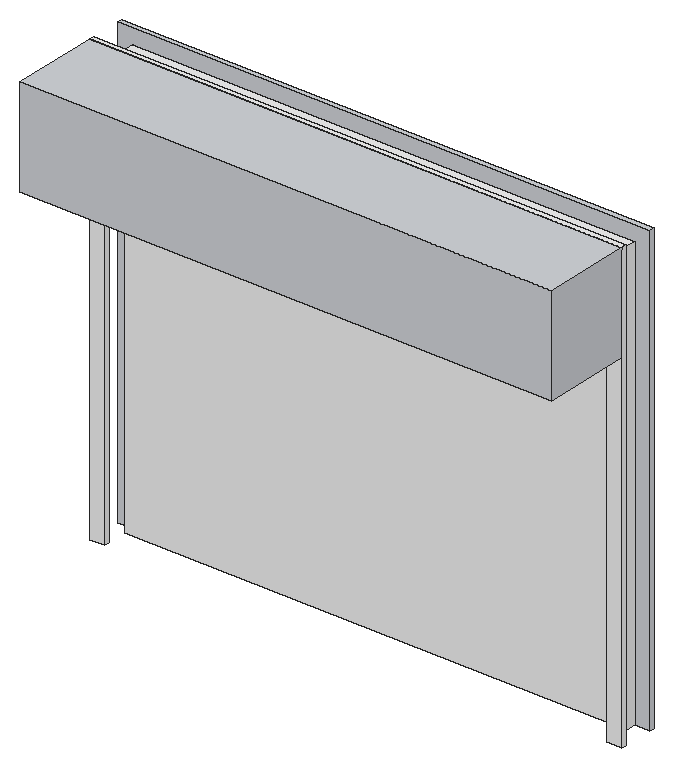
Revit family "0044_M_DR_W_shutter_door_family", category 문, Revit 2026
Family settings
  호스트 = 벽
  항상 수직 = 예
  로드될 때 보이드를 사용하여 절단 = 아니오
  공유 = 아니오
  룸 계산 점 = 아니오
Parameters (values of type "2550 x 2200 mm")
  프레임 투영 외부 = 25 mm
  프레임 투영 내부 = 25 mm
  프레임 폭 = 75 mm
  Function = (empty or 0)
  Assembly Code = ""
  높이 = 2200 mm
  벽 마무리 = 호스트별
  폭 = 2550 mm
Reference planes
  plane 1: y = -50
  plane 2 "중심(왼쪽/오른쪽)": x = 0
  plane 3 "좌측면": x = -1275
  plane 4 "오른쪽": x = 1275
  plane 5: z = 2200
  plane 6 "외부": y = 25
  plane 7 "내부": y = -125
Forms (mm)
  Extrusion 1, solid, material "구릴"
    sketch origin (-3050, -125, 0) x (1, 0, 0) y (0, 0, 1)
      loop
        line (1700, 0) -> (1775, 0) -> (1775, 2200) -> (4325, 2200) -> (4325, 0) -> (4400, 0) -> (4400, 2275) -> (1700, 2275) -> (1700, 0)
    from 0 to 25
  Extrusion 2, solid
    sketch origin (-3050, 25, 0) x (-1, 0, 0) y (0, 0, 1)
      loop
        line (-1775, 0) -> (-1700, 0) -> (-1700, 2275) -> (-4400, 2275) -> (-4400, 0) -> (-4325, 0) -> (-4325, 2200) -> (-1775, 2200) -> (-1775, 0)
    from 0 to 25
  Extrusion 3, solid, material "구릴"
    sketch origin (0, 25, 0) x (1, 0, 0) y (0, 0, 1)
      loop
        line (1275, 0) -> (1275, 2200) -> (-1275, 2200) -> (-1275, 0) -> (1275, 0)
    from 0 to 50
  Extrusion 4, solid
    sketch origin (0, -125, 0) x (1, 0, 0) y (0, 0, 1)
      loop
        line (-1350, 2275) -> (-1350, 1775) -> (1350, 1775) -> (1350, 2275) -> (-1350, 2275)
    from 0 to 470
Lines and regions (mm)
  Opening 1
    outline origin (-3050, -125, 0) x (1, 0, 0) y (0, 0, 1)
      loop
        line (1775, 0) -> (4325, 0) -> (4325, 2200) -> (1775, 2200) -> (1775, 0)
  symbolic lines, style "입면도 스윙"
    curve 1: line (1275, -125, 0) -> (0, -125, 2200)
    curve 2: line (0, 25, 2200) -> (-1275, 25, 0)
  symbolic lines
    curve 3: line (-1275, 25, 0) -> (-675, 25, 0)
    curve 4: line (-1275, 25, 0) -> (-1275, 495, 0)
    curve 5: line (-1275, 495, 0) -> (1275, 495, 0)
    curve 6: line (1275, 495, 0) -> (1275, 25, 0)
    curve 7: line (1275, 25, 0) -> (-1275, 25, 0)
Text (mm)
  text "외부" at (-2295.016, 1099.543, 0), in view "참조 레벨"
  text "외부" at (0, 1615.38, 3698.081), in view "좌측면"
  text "외부" at (0, 1036.032, 3874.932), in view "오른쪽"
Dimensions and locks
  equal spacing: plane 3 "좌측면", plane 2 "중심(왼쪽/오른쪽)", plane 4 "오른쪽"
  "폭": plane 3 "좌측면" to plane 4 "오른쪽"
  "높이": plane 5 to host wall
  equal spacing: host wall, curve 1, plane 5
  equal spacing: host wall, curve 2, plane 5
  "프레임 투영 외부": Extrusion 2 to Extrusion 2
  "프레임 투영 내부": Extrusion 1 to Extrusion 1
  "프레임 폭": plane 3 "좌측면" to Extrusion 1 sketch curve
  "프레임 폭": plane 4 "오른쪽" to Extrusion 1 sketch curve
  "프레임 폭": Extrusion 1 sketch curve to plane 5
  "프레임 폭": plane 4 "오른쪽" to Extrusion 2 sketch curve
  "프레임 폭": plane 3 "좌측면" to Extrusion 2 sketch curve
  "프레임 폭": plane 5 to Extrusion 2 sketch curve
  locked: plane 6 "외부" to host wall at 0
  locked: plane 7 "내부" to host wall
  Extrusion 2 to Extrusion 3 = 50 mm
  curve 5 to Extrusion 3 = 470 mm
  aligned and locked: plane 3 "좌측면" to Opening 1 sketch curve
  aligned and locked: plane 5 to Opening 1 sketch curve  (x2)
  aligned and locked: Opening 1 sketch curve to plane 4 "오른쪽"
  aligned and locked: Opening 1 sketch curve to level
  aligned and locked: level to Extrusion 1 sketch curve
  aligned and locked: plane 5 to Extrusion 1 sketch curve  (x2)
  aligned and locked: Extrusion 1 sketch curve to plane 4 "오른쪽"
  aligned and locked: plane 3 "좌측면" to Extrusion 1 sketch curve
  aligned and locked: plane 3 "좌측면" to Extrusion 2 sketch curve
  aligned and locked: plane 5 to Extrusion 2 sketch curve  (x2)
  aligned and locked: level to Extrusion 2 sketch curve
  aligned and locked: plane 1 to host wall
  aligned and locked: host wall to Extrusion 3
Automatic sketch dimensions
  Extrusion 2 sketch curve to plane 4 "오른쪽" = 0 mm
  Extrusion 1 sketch curve to level = 0 mm
  Extrusion 2 sketch curve to level = 0 mm
  Extrusion 3 sketch curve to level = 0 mm
  Extrusion 3 sketch curve to plane 3 "좌측면" = 0 mm
  Extrusion 3 sketch curve to plane 4 "오른쪽" = 0 mm
  Extrusion 3 sketch curve to plane 5 = 0 mm
  curve 7 to plane 3 "좌측면" = 0 mm
  curve 6 to host wall = 0 mm
  curve 6 to plane 4 "오른쪽" = 0 mm
  curve 3 to plane 3 "좌측면" = 600 mm
  curve 1 to plane 2 "중심(왼쪽/오른쪽)" = 0 mm
  curve 1 to plane 5 = 0 mm
  curve 2 to plane 2 "중심(왼쪽/오른쪽)" = 0 mm
  curve 2 to plane 5 = 0 mm
  curve 2 to level = 0 mm
  curve 1 to level = 0 mm
  curve 2 to plane 3 "좌측면" = 0 mm
  curve 1 to plane 4 "오른쪽" = 0 mm
  plane 3 "좌측면" to Extrusion 4 sketch curve = 75 mm
  Extrusion 4 sketch curve to plane 4 "오른쪽" = 75 mm
  plane 5 to Extrusion 4 sketch curve = 425 mm
  Extrusion 4 sketch curve to plane 5 = 75 mm
